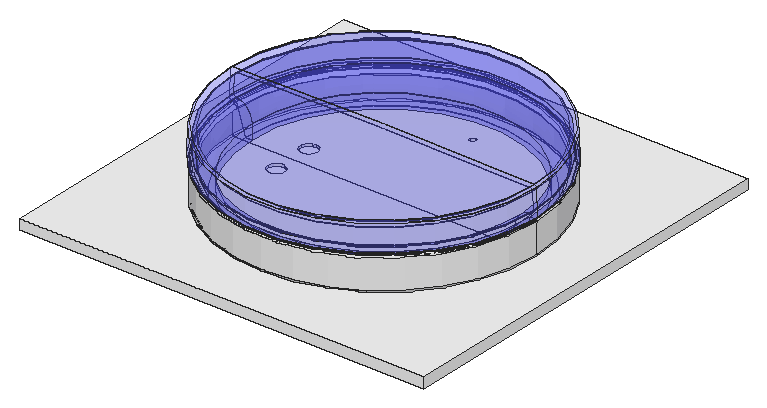
Revit family "BE_12128.1_de_DE", category Leuchten, Revit 2015
Parameters (values of type "BEGA_12128.1_K4")
  built-in parameter 1150104 = 12.709 (stored number, unit not read)
  Wattage = 19.7 W
  Default Elevation = 0 mm
  built-in parameter 1150113 = 1 (stored number, unit not read)
  built-in parameter 1114218 = 1 (stored number, unit not read)
  Umgebungstemperatur = ""
  URL = "http://www.bega.de/produkt/12128.1"
  Typenkommentare = "© 2017 BEGA. Wir behalten uns das Recht vor, technische Änderungen ohne vorherige Ankündigung vorzunehmen."  # constant formula
  built-in parameter 1150134 = 12
  built-in parameter 1150109 = 1 (stored number, unit not read)
  Strom = ""
  built-in parameter 1150110 = 1 (stored number, unit not read)
  Spannung = 239.996 V
  Sonderanfertigung = no
  Seriennummer [instance] = "Hier können Sie die eindeutige Seriennummer für das Facility Management eintragen."
  Schutzklasse = "I"
  Schutzart = "IP 65"
  Scheinlast = 0 VA
  Produktdatenblatt = "http://www.bega.de/download/Xrfa/db/12128.1.db.de.pdf"
  Oberflächentemperatur = ""
  Neigungswinkel = 0.00°
  Modell = "12128.1K4"
  Material_17 = BEGA_Reflektor
  Material_15 = BEGA_Leuchtmedium_matt
  Material_11 = BEGA_Glas_opal
  Material_09 = BEGA_Glas_klar
  Material_06 = BEGA_Oberfläche_Edelstahl_gebürstet
  Material_05 = BEGA_Oberfläche_Aluminium Guss
  Material_03 = BEGA_Oberfläche_Weiss_matt
  Material_02 = BEGA_Oberfläche_Silber_matt
  Material_01 [instance] = BEGA_Oberfläche_Grafit_matt
  M_W = no
  M_G = no
  M_A = no
  Logo = 0
  built-in parameter 1114217 = 1 (stored number, unit not read)
  built-in parameter 1150139 = (empty or 0)
  built-in parameter 1150105 = 214.46 (stored number, unit not read)
  built-in parameter 1150114 = 1 (stored number, unit not read)
  Lumens = 2694.96 lm
  built-in parameter 1150115 = 1 (stored number, unit not read)
  Leuchtenlichtstrom = "1972 lm"
  Leuchtenanzahl = ""
  Lebensdauerkriterien = "L70 = 50.000 h"
  Lastklassifizierung = Beleuchtung
  built-in parameter 1150112 = 1 (stored number, unit not read)
  Lampenlichtstrom = "2695 lm"
  Lampe = "LED 19.7 W"
  LED_Modulbezeichnung = "LED-0597/940 "
  Hersteller = "BEGA"  # constant formula
  Halbstreuwinkel = ""
  Gewicht = "8.1 kg"
  Gebrauchslageneinschränkung [instance] = ""
  Frequenz = "0/50-60 Hz"
  Farbwiedergabeindex = "Ra > 90"
  Farbtemperaturverschiebung bei Dämpfen der Lampe = <Keine Auswahl>
  Farbtemperatur = "4000 K"
  Color Filter = 16777215
  built-in parameter 1150133 = 10 (stored number, unit not read)
  Energieeffizienzklasse = "LED A++ - A"
  built-in parameter 1150137 = (empty or 0)
  built-in parameter 1150132 = (empty or 0)
  ENEC = "ja"
  Dimmbar [instance] = "DALI"
  Datei für fotometrisches Netz = "BE_12128K4.IES"
  CE_Konformität = "ja"
  Bestellnummer = "12128.1K4"
  Beschreibung_Sonderanfertigung = "Hier können Sie Informationen zur Sonderanfertigung eintragen."
  Beschreibung = "Decken- und Wandleuchte"
  built-in parameter 1150106 = 2.1446 (stored number, unit not read)
  Befestigungsbohrung = "Ø 5,5 mm"
  Befestigungsabstand = "220 mm"
  Ballwurfsicher = ""
  BEGA_Intern_aus = yes
  BEGA_Intern_an = yes
  BEGA_Intern_Konstruktion = yes
  BEGA_Intern = yes
  BEGA_IES = yes
  BEGA_Dummy = no
  Anschlussleitung = ""
  Anschlussleistung [instance] = "23 W"
  Anschlusskasten = ""
  built-in parameter 1150107 = 4000 (stored number, unit not read)
  built-in parameter 1150102 = (empty or 0)
  built-in parameter 1150138 = (empty or 0)
  Aktualisierung = "2017-06-16T04:08:16"
  Abstand_zur_angestrahlten_Fläche [instance] = ""
  AC/DC = "AC/DC"
Types (2, lengths in mm): name | built-in parameter 1150104 | Wattage | built-in parameter 1150134 | Modell | built-in parameter 1150105 | Lumens | Leuchtenlichtstrom | Lampenlichtstrom | LED_Modulbezeichnung | Farbtemperatur | Datei für fotometrisches Netz | Bestellnummer | built-in parameter 1150106 | built-in parameter 1150107
  BEGA_12128.1_K4 | 12.709 (stored number, unit not read) | 19.7 W | 12 | "12128.1K4" | 214.46 (stored number, unit not read) | 2694.96 lm | "1972 lm" | "2695 lm" | "LED-0597/940 " | "4000 K" | "BE_12128K4.IES" | "12128.1K4" | 2.1446 (stored number, unit not read) | 4000 (stored number, unit not read)
  BEGA_12128.1_K3 | 13.8 (stored number, unit not read) | 9.2903 W | (empty or 0) | "12128.1" | 109.82 (stored number, unit not read) | 1380 lm | "1902 lm" | "2600 lm" | "LED-0597/930 " | "3000 K" | "BE_12128.IES" | "12128.1" | 1.0982 (stored number, unit not read) | 3000 (stored number, unit not read)
Reference planes
  plane 1 "Mitte (Vorne/Hinten)": y = 0
  plane 2: z = 0
  plane 3 "Mitte (Links/Rechts)": x = 0
  plane 4 "Links": x = -152.499
  plane 5 "Rechts": x = 152.499
  plane 6 "Unten": y = -152.5
  plane 7 "Oben": y = 152.5
  plane 8 "Vorne": z = 66.497
  plane 9 "Hinten": z = 0
Forms (mm)
  Extrusion 1, solid, material "BEGA_Platte_Weiss"
    sketch origin (0, -1119.2, 0) x (1, 0, 0) y (0, 1, 0)
      loop
        line (-200, 1319.2) -> (-200, 919.2) -> (200, 919.2) -> (200, 1319.2) -> (-200, 1319.2)
    from 0 to -10
  Extrusion 2, solid, material "BEGA_Dummy_matt", visible <- "BEGA_Dummy"
    sketch origin (77.149, -76.023, 0) x (1, 0, 0) y (0, 1, 0)
      loop
        circle (-77.149, 76.023) r 152.499
    from 0 to 66.497
Dimensions and locks
  plane 1 "Mitte (Vorne/Hinten)" to Extrusion 1 = 200 mm
  aligned and locked: plane 2 to Extrusion 1
  aligned and locked: level to Extrusion 1
Nested families
  nested 1: "BE_12128.1" at (0, 0, 0), type "BE_12128.1"
Connectors
  electrical at (0, 0, 0), driven by "Lastklassifizierung", driven by "Spannung", driven by "Scheinlast"
    settings: index 1, voltage 239.996 V, apparent load 0 VA, apparent load phase1 0 VA, apparent load phase2 0 VA, apparent load phase3 0 VA, power factor 1, load classification "Beleuchtung", number of poles 1, system type 31, power factor state 1, is connector primary yes, connector utility no, sub classification motor no, connector description ""
Definition of nested family "BE_12128.1"
  Parameters (values of type "BE_12128.1")
    Default Elevation = 1 mm
    URL = "http://www.bega.de/de/produkt"
    Type Comments = "© 2015 BEGA. Wir behalten uns das Recht vor, technische Änderungen ohne vorherige Ankündigung vorzunehmen. "  # constant formula
    Type Image = (empty or 0)
    Neigungswinkel_um_Z2 = 0.00°
    Neigungswinkel_um_Z1 = 0.00°
    Neigungswinkel_um_Y2 = 0.00°
    Neigungswinkel_um_Y1 = 0.00°
    Neigungswinkel_um_X2 = 0.00°
    Neigungswinkel_um_X1 = 0.00°
    Material_17 = none
    Material_15 = none
    Material_11 = none
    Material_09 = none
    Material_06 = none
    Material_05 = none
    Material_03 = none
    Material_02 = none
    Material_01 = none
    M_W = yes
    M_G = yes
    M_A = yes
    Länge_Platte = 350 mm  # constant formula
    Höhe_Platte = -10 mm  # constant formula
    Manufacturer = "BEGA"  # constant formula
    Drehwinkel_um_Z2 = 0.00°
    Drehwinkel_um_Z1 = 0.00°
    Breite_Platte = 350 mm  # constant formula
  Reference planes
    plane 1 "Mitte (Oben/Unten)": y = 0
    plane 2: z = 0
    plane 3 "Mitte (Links/Rechts)": x = 0
    plane 4: x = -152.499
    plane 5: z = 66.497
    plane 6: x = 152.499
    plane 7: y = -152.5
    plane 8: y = 152.5
  Forms (mm)
    Extrusion 1, solid, detail levels medium
      sketch origin (0, 0, 0) x (1, 0, 0) y (0, 1, 0)
        loop
          line (-175, 175) -> (-175, -175) -> (175, -175) -> (175, 175) -> (-175, 175)
      from 0 to -10 <- "Höhe_Platte"
    Revolve 2, solid, material <- "Material_03", detail levels medium+fine
      sketch origin (0, 0, 0) x (1, 0, 0) y (0, 0, 1)
        loop
          arc (-151.35, 3.5) -> (-150.764, 2.086) -> (-149.35, 1.5) r 2
          line (-149.35, 1.5) -> (0, 1.49) -> (0, 3.5) -> (-149.15, 3.5)
          arc (-149.15, 3.5) -> (-149.857, 3.793) -> (-150.15, 4.5) r 1
          line (-150.15, 4.5) -> (-150.15, 33.002) -> (-145.799, 28.651) -> (-144.95, 29.499) -> (-149.043, 33.592)
          arc (-149.043, 33.592) -> (-149.482, 33.886) -> (-150, 33.99) r 1.35
          arc (-150, 33.99) -> (-150.953, 33.596) -> (-151.35, 32.645) r 1.35
          line (-151.35, 32.645) -> (-151.35, 3.5)
        axis (0, 1.49) -> (0, 33.99)
      angle from 0 to 360
    Revolve 3, solid, material <- "Material_03", detail levels medium+fine
      sketch origin (0, 10, 0) x (0, -1, 0) y (0, 0, -1)
        loop
          line (-109.291, -0.446) -> (-112.733, -2.568) -> (-100, -2.568) -> (-100, 0) -> (-107.719, 0)
          arc (-107.719, 0) -> (-108.537, -0.114) -> (-109.291, -0.446) r 3
        axis (-100, 0) -> (-100, -2.568)
      angle from 0 to 360
    Extrusion 4, void
      sketch origin (0, 0, 0) x (1, 0, 0) y (0, 1, 0)
        loop
          circle (-90, 20) r 8.455
        loop
          circle (0, 110) r 2.75
        loop
          circle (-90, -20) r 8.455
        loop
          circle (0, -110) r 2.75
      from 0 to 10
    Revolve 5, solid, material <- "Material_11", detail levels medium+fine
      sketch origin (0, 0, 0) x (1, 0, 0) y (0, 0, 1)
        loop
          arc (0, 66.495) -> (-74.831, 65.822) -> (-149.654, 64.537) r 9149.237
          arc (-149.654, 64.537) -> (-151.005, 63.959) -> (-151.594, 62.612) r 1.996
          line (-151.594, 62.612) -> (-152.499, 36.572)
          arc (-152.499, 36.572) -> (-151.94, 35.112) -> (-150.5, 34.5) r 2
          line (-150.5, 34.5) -> (-145, 34.5) -> (-136, 6) -> (-130, 6) -> (-130, 20.512)
          arc (-130, 20.512) -> (-134.491, 32.395) -> (-145.71, 38.354) r 18
          arc (-145.71, 38.354) -> (-147.612, 39.384) -> (-148.327, 41.426) r 3
          line (-148.327, 41.426) -> (-147.757, 57.54)
          arc (-147.757, 57.54) -> (-146.859, 59.584) -> (-144.799, 60.444) r 3.005
          arc (-144.799, 60.444) -> (-72.403, 61.658) -> (0, 62.3) r 9145.037
          line (0, 62.3) -> (0, 66.495)
        axis (0, 66.495) -> (0, 6)
      angle from 0 to 360
    Revolve 6, solid, material <- "Material_03", detail levels medium+fine
      sketch origin (0, -10, 0) x (0, 1, 0) y (0, 0, 1)
        loop
          arc (-109.291, 0.446) -> (-108.537, 0.114) -> (-107.719, 0) r 3
          line (-107.719, 0) -> (-100, 0) -> (-100, 2.568) -> (-112.733, 2.568) -> (-109.291, 0.446)
        axis (-100, 0) -> (-100, 2.568)
      angle from 0 to 360
  Cuts and joins
    Extrusion 4 cuts Revolve 2
    Extrusion 4 cuts Revolve 3
    Extrusion 4 cuts Revolve 6
    joined: Revolve 2, Revolve 3, Revolve 6
  Dimensions and locks
    equal spacing: Extrusion 1 sketch curve, plane 3 "Mitte (Links/Rechts)", Extrusion 1 sketch curve
    equal spacing: Extrusion 1 sketch curve, plane 1 "Mitte (Oben/Unten)", Extrusion 1 sketch curve
    "Länge_Platte": Extrusion 1 sketch curve to Extrusion 1 sketch curve
    "Breite_Platte": Extrusion 1 sketch curve to Extrusion 1 sketch curve
    aligned and locked: plane 2 to Extrusion 1
    aligned and locked: level to Extrusion 1
  Automatic sketch dimensions
    Revolve 2 sketch curve to Revolve 2 sketch curve = 0 mm  (x9)
    Revolve 2 sketch curve to plane 3 "Mitte (Links/Rechts)" = 0 mm  (x2)
    Revolve 2 sketch curve to Revolve 2 sketch curve = 0.849 mm  (x2)
    Revolve 2 sketch curve to Revolve 2 sketch curve = 4.093 mm
    level to Revolve 2 sketch curve = 3.5 mm
    Revolve 2 sketch curve to Revolve 2 sketch curve = 0.2 mm
    Revolve 2 sketch curve to Revolve 2 sketch curve = 0.957 mm
    Revolve 2 sketch curve to Revolve 2 sketch curve = 1 mm  (x2)
    Revolve 2 sketch curve to Revolve 2 sketch curve = 1.2 mm
    level to Revolve 2 sketch curve = 1.49 mm
    Revolve 2 sketch curve to Revolve 2 sketch curve = 24.151 mm
    Revolve 2 sketch curve to Revolve 2 sketch curve = 3.989 mm
    Revolve 2 sketch curve to Revolve 2 sketch curve = 0.005 mm
    Revolve 2 sketch curve to Revolve 2 sketch curve = 0.362 mm
    Revolve 2 sketch curve to Revolve 2 sketch curve = 0.59 mm
    Revolve 2 sketch curve to Revolve 2 sketch curve = 0.15 mm
    Revolve 2 sketch curve to Revolve 2 sketch curve = 1.76 mm
    level to Revolve 3 sketch curve = 2.568 mm
    level to Revolve 3 sketch curve = 3 mm
    Revolve 3 sketch curve to Revolve 3 sketch curve = 5.014 mm
    Revolve 3 sketch curve to Revolve 3 sketch curve = 7.719 mm
    Revolve 3 sketch curve to level = 0 mm
    level to Revolve 3 sketch curve = 0.446 mm  (x2)
    Revolve 3 sketch curve to Revolve 3 sketch curve = 0.002 mm
    Revolve 3 sketch curve to Revolve 3 sketch curve = 0 mm  (x3)
    plane 1 "Mitte (Oben/Unten)" to Extrusion 4 sketch curve = 20 mm
    Extrusion 4 sketch curve to plane 1 "Mitte (Oben/Unten)" = 20 mm
    Extrusion 4 sketch curve to Extrusion 4 sketch curve = 0 mm
    plane 3 "Mitte (Links/Rechts)" to Extrusion 4 sketch curve = 0 mm  (x2)
    level to Revolve 6 sketch curve = 2.568 mm
    level to Revolve 6 sketch curve = 3 mm
    Revolve 6 sketch curve to Revolve 6 sketch curve = 5.014 mm
    Revolve 6 sketch curve to Revolve 6 sketch curve = 7.719 mm
    Revolve 6 sketch curve to level = 0 mm
    level to Revolve 6 sketch curve = 0.446 mm  (x2)
    Revolve 6 sketch curve to Revolve 6 sketch curve = 0.002 mm
    Revolve 6 sketch curve to Revolve 6 sketch curve = 0 mm  (x3)
    Revolve 5 sketch curve to plane 3 "Mitte (Links/Rechts)" = 0 mm  (x2)
    Revolve 5 sketch curve to Revolve 5 sketch curve = 0.328 mm
    Revolve 5 sketch curve to Revolve 5 sketch curve = 3.003 mm
    Revolve 5 sketch curve to Revolve 5 sketch curve = 3 mm
    Revolve 5 sketch curve to Revolve 5 sketch curve = 2.998 mm
    Revolve 5 sketch curve to Revolve 5 sketch curve = 1.842 mm
    Revolve 5 sketch curve to Revolve 5 sketch curve = 2.173 mm
    Revolve 5 sketch curve to Revolve 5 sketch curve = 1.995 mm
    Revolve 5 sketch curve to Revolve 5 sketch curve = 1.999 mm
    plane 3 "Mitte (Links/Rechts)" to Revolve 5 sketch curve = 44.821 mm
    Revolve 5 sketch curve to Revolve 5 sketch curve = 0.032 mm
    Revolve 5 sketch curve to Revolve 5 sketch curve = 0.101 mm
    Revolve 5 sketch curve to Revolve 5 sketch curve = 16.114 mm
    Revolve 5 sketch curve to Revolve 5 sketch curve = 0.097 mm
    Revolve 5 sketch curve to Revolve 5 sketch curve = 4.854 mm
    Revolve 5 sketch curve to Revolve 5 sketch curve = 0.072 mm
    Revolve 5 sketch curve to Revolve 5 sketch curve = 0 mm  (x5)
    Revolve 5 sketch curve to Revolve 5 sketch curve = 13.988 mm
    Revolve 5 sketch curve to Revolve 5 sketch curve = 14 mm
    level to Revolve 5 sketch curve = 6 mm
    Revolve 5 sketch curve to level = 9082.628 mm
    Revolve 5 sketch curve to Revolve 5 sketch curve = 0.005 mm
    level to Revolve 5 sketch curve = 62.3 mm
    Revolve 5 sketch curve to Revolve 5 sketch curve = 0.071 mm
    Revolve 5 sketch curve to Revolve 5 sketch curve = 4.195 mm
    Revolve 5 sketch curve to Revolve 5 sketch curve = 0.382 mm
    Revolve 5 sketch curve to Revolve 5 sketch curve = 9.492 mm
    Revolve 5 sketch curve to Revolve 5 sketch curve = 14.5 mm
    Revolve 5 sketch curve to Revolve 5 sketch curve = 2.098 mm
    Revolve 2 sketch curve to plane 3 "Mitte (Links/Rechts)" = 144.95 mm
    Revolve 2 sketch curve to Revolve 2 sketch curve = 3.351 mm
    Extrusion 4 sketch curve to plane 3 "Mitte (Links/Rechts)" = 90 mm
    Revolve 5 sketch curve to plane 3 "Mitte (Links/Rechts)" = 130 mm
    Revolve 5 sketch curve to Revolve 5 sketch curve = 6 mm
    Revolve 5 sketch curve to Revolve 5 sketch curve = 14.754 mm
    Revolve 5 sketch curve to Revolve 5 sketch curve = 15 mm
    plane 1 "Mitte (Oben/Unten)" to Extrusion 4 sketch curve = 110 mm
    Extrusion 4 sketch curve to plane 1 "Mitte (Oben/Unten)" = 110 mm
    radius of Extrusion 4 sketch curve = 8.455 mm  (x2)
    radius of Extrusion 4 sketch curve = 2.75 mm  (x2)
